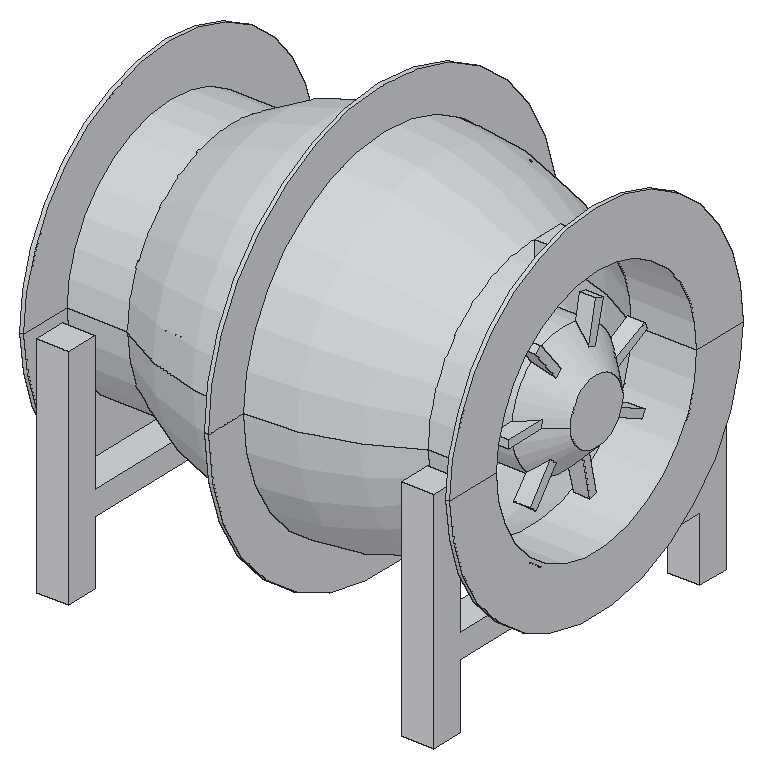
Revit family "b37affc9647d49bd9c485594b1af1f22", category Mechanical Equipment, Revit 2021
Family settings
  Round Connector Dimension = Use Radius
  Part Type = Normal
  OmniClass Number = 23.75.35.17.27
  OmniClass Title = Centrifugal Fans
  Seek Item ID = Centrifugal Fan - Inline - Tubular-0000-USA-ENU
  Work Plane-Based = No
  Always vertical = Yes
  Cut with Voids When Loaded = No
  Shared = No
  Room Calculation Point = No
Parameters (values of type "50-350 CFM")
  Voltage = 208 V
  Support Offset 2 = 0' - 10 1/4"
  Support Offset 1 = 0' - 11 1/4"
  Load Classification = Cooling
  External Static Pressure [instance] = 0.50 in-wg
  Radius 7 = 0' - 1"
  Radius 6 = Length 3  # 0' - 0.6"
  Radius 5 = 0.05 * Air Inlet Diameter  # 0' - 0.4"
  Radius 4 = 0.5 * Diameter 1  # 0' - 6 23/32"
  Radius 3 = 0.5 * Diameter 3  # 0' - 2"
  Radius 2 = Radius 1 - 0' 0 1/8"  # 0' - 8 3/16"
  Radius 1 = 0' - 8 5/16"
  RPM [instance] = 1550 Hz
  Overall Length = 1' - 1 1/4"
  Overall Height = Height 1 + (Diameter 1 * 0.5)  # 1' - 1 23/32"
  Number of Poles = 3
  Length 4 = 0.5 * (Overall Length - Support Offset 1)  # 0' - 1"
  Length 3 = 1.5 * Radius 5  # 0' - 0.6"
  Length 2 = 0.5 * Radius 5  # 0' - 0.2"
  Length 1 = Radius 3 + 0' 0 3/4"  # 0' - 2 3/4"
  Height 1 = 0' - 7"
  Flow [instance] = 350 CFM
  Fan Radius = 0.5 * Fan Diameter  # 0' - 5 13/32"
  Fan Material = none
  Fan Diameter = Diameter 1 - 0' 2 5/8"  # 0' - 10 13/16"
  Diameter 3 = 0.5 * Air Inlet Diameter  # 0' - 4"
  Diameter 1 = 1' - 1 7/16"
  Default Elevation = 0' - 0"
  Apparent Load [instance] = 31.34 VA
  Duct Radius = 4"
  Air Inlet Diameter = Duct Radius * 2  # 8"
Types (8): name | Support Offset 2 | Support Offset 1 | Radius 6 | Radius 5 | Radius 4 | Radius 3 | Radius 2 | Radius 1 | RPM | Overall Length | Overall Height | Length 3 | Length 2 | Length 1 | Height 1 | Flow | Fan Radius | Fan Diameter | Diameter 3 | Diameter 1 | Apparent Load | Duct Radius | Air Inlet Diameter
  (no name) | 0' - 10 1/4" | 0' - 11 1/4" | 0' - 0.6" | 0' - 0.4" | 0' - 6 23/32" | 0' - 2" | 0' - 8 3/16" | 0' - 8 5/16" | 1550 Hz | 1' - 1 1/4" | 1' - 1 23/32" | 0' - 0.6" | 0' - 0.2" | 0' - 2 3/4" | 0' - 7" | 350 CFM | 0' - 5 13/32" | 0' - 10 13/16" | 0' - 4" | 1' - 1 7/16" | 31.34 VA | 4" | 8"
  50-350 CFM | 0' - 10 1/4" | 0' - 11 1/4" | 0' - 0.6" | 0' - 0.4" | 0' - 6 23/32" | 0' - 2" | 0' - 8 3/16" | 0' - 8 5/16" | 1550 Hz | 1' - 1 1/4" | 1' - 1 23/32" | 0' - 0.6" | 0' - 0.2" | 0' - 2 3/4" | 0' - 7" | 350 CFM | 0' - 5 13/32" | 0' - 10 13/16" | 0' - 4" | 1' - 1 7/16" | 31.34 VA | 4" | 8"
  52-890 CFM | 1' - 0 1/4" | 1' - 1" | 0' - 0 3/4" | 0' - 0 1/2" | 0' - 8 3/32" | 0' - 2 1/2" | 0' - 9 1/4" | 0' - 9 3/8" | 1725 Hz | 1' - 3" | 1' - 4 25/32" | 0' - 0 3/4" | 0' - 0 1/4" | 0' - 3 1/4" | 0' - 8 11/16" | 890 CFM | 0' - 6 25/32" | 1' - 1 9/16" | 0' - 5" | 1' - 4 3/16" | 104.46 VA | 5" | 10"
  162-1617 CFM | 1' - 2 1/8" | 1' - 3 1/8" | 0' - 0.9" | 0' - 0.6" | 0' - 9 5/8" | 0' - 3" | 0' - 10 11/32" | 0' - 10 15/32" | 1725 Hz | 1' - 5 1/8" | 1' - 7 9/16" | 0' - 0.9" | 0' - 0.3" | 0' - 3 3/4" | 0' - 9 15/16" | 1617 CFM | 0' - 8 5/16" | 1' - 4 5/8" | 0' - 6" | 1' - 7 1/4" | 208.92 VA | 6" | 12"
  151-2855 CFM | 1' - 4 1/4" | 1' - 5 1/8" | 0' - 1.05" | 0' - 0.7" | 0' - 11" | 0' - 3 1/2" | 0' - 11 27/32" | 0' - 11 31/32" | 1725 Hz | 1' - 7 1/8" | 1' - 10 7/16" | 0' - 1.05" | 0' - 0.35" | 0' - 4 1/4" | 0' - 11 7/16" | 2855 CFM | 0' - 9 11/16" | 1' - 7 3/8" | 0' - 7" | 1' - 10" | 626.76 VA | 7" | 14"
  469-4439 CFM | 1' - 6 1/4" | 1' - 7 9/16" | 0' - 1.2" | 0' - 0.8" | 1' - 0 7/16" | 0' - 4" | 1' - 1 99/128" | 1' - 1 115/128" | 1725 Hz | 1' - 9 9/16" | 2' - 1 1/8" | 0' - 1.2" | 0' - 0.4" | 0' - 4 3/4" | 1' - 0 11/16" | 4439 CFM | 0' - 11 1/8" | 1' - 10 1/4" | 0' - 8" | 2' - 0 7/8" | 1253.53 VA | 8" | 16"
  364-4321 CFM | 1' - 8 3/8" | 1' - 10 1/2" | 0' - 1.35" | 0' - 0.9" | 1' - 1 7/8" | 0' - 4 1/2" | 1' - 4 13/32" | 1' - 4 17/32" | 1140 Hz | 2' - 0 1/2" | 2' - 3 7/8" | 0' - 1.35" | 0' - 0.45" | 0' - 5 1/4" | 1' - 2" | 4321 CFM | 1' - 0 9/16" | 2' - 1 1/8" | 0' - 9" | 2' - 3 3/4" | 626.76 VA | 9" | 18"
  1037-5652 CFM | 1' - 10 1/2" | 2' - 0 3/8" | 0' - 1 1/2" | 0' - 1" | 1' - 3 1/4" | 0' - 5" | 1' - 5 3/4" | 1' - 5 7/8" | 1140 Hz | 2' - 2 3/8" | 2' - 7" | 0' - 1 1/2" | 0' - 0 1/2" | 0' - 5 3/4" | 1' - 3 3/4" | 5652 CFM | 1' - 1 15/16" | 2' - 3 7/8" | 0' - 10" | 2' - 6 1/2" | 940.15 VA | 10" | 20"
Reference planes (in)
  plane 1 "Center (Front/Back)": y = 0
  plane 2: z = 0
  plane 3 "Center (Left/Right)": x = 0
  plane 4: y = 5.125
  plane 5: y = -5.125
  plane 6: y = 5.625
  plane 7: y = 4.625
  plane 8: y = -4.625
  plane 9: y = -5.625
  plane 10: x = 0.5
  plane 11: x = 1
  plane 12: x = 11.75
  plane 13: x = 12.25
  plane 14: x = 11.25
  plane 15 "Plan 1": z = 7
  plane 16: z = 2
  plane 17: z = 2.75
  plane 18: x = -0.5
  plane 19: x = 12.75
  plane 20: y = 4
  plane 21: y = 3.875
  plane 22: x = 1.5
  plane 23: x = 10.75
  plane 24: x = 6.125
  plane 25: x = -0.375
  plane 26: x = 12.625
  plane 27: y = 0.5
  plane 28: y = -0.5
  plane 29: z = 11
  plane 30: z = 11.4375
  plane 31: y = 6.71875
  plane 32: y = -6.71875
  plane 33: y = 5.40625
  plane 34: x = 6.0625
  plane 35: x = 6.1875
  plane 36: x = 6.725
  plane 37: x = 5.525
  plane 38: x = 6.325
  plane 39: x = 5.925
Forms (in)
  Extrusion 1, solid, material <- "Fan Material"
    sketch origin (0, 0, 0) x (1, 0, 0) y (0, 1, 0)
      loop
        line (0, 5.625) -> (0, 4.625) -> (1, 4.625) -> (1, 5.625) -> (0, 5.625)
    from 0 to 7
  Extrusion 2, solid, material <- "Fan Material"
    sketch origin (0, 0, 0) x (1, 0, 0) y (0, 1, 0)
      loop
        line (0, -4.625) -> (0, -5.625) -> (1, -5.625) -> (1, -4.625) -> (0, -4.625)
    from 0 to 7
  Extrusion 3, solid, material <- "Fan Material"
    sketch origin (0, 0, 0) x (1, 0, 0) y (0, 1, 0)
      loop
        line (11.25, -4.625) -> (11.25, -5.625) -> (12.25, -5.625) -> (12.25, -4.625) -> (11.25, -4.625)
    from 0 to 7
  Extrusion 4, solid, material <- "Fan Material"
    sketch origin (0, 0, 0) x (1, 0, 0) y (0, 1, 0)
      loop
        line (11.25, 5.625) -> (11.25, 4.625) -> (12.25, 4.625) -> (12.25, 5.625) -> (11.25, 5.625)
    from 0 to 7
  Extrusion 5, solid, material <- "Fan Material"
    sketch origin (0, 0, 0) x (1, 0, 0) y (0, 1, 0)
      loop
        line (0, 4.625) -> (0, -4.625) -> (1, -4.625) -> (1, 4.625) -> (0, 4.625)
    from 2 to 2.75
  Extrusion 6, solid, material <- "Fan Material"
    sketch origin (0, 0, 0) x (1, 0, 0) y (0, 1, 0)
      loop
        line (11.25, 4.625) -> (11.25, -4.625) -> (12.25, -4.625) -> (12.25, 4.625) -> (11.25, 4.625)
    from 2 to 2.75
  Extrusion 7, solid, material <- "Fan Material"
    sketch origin (0, 0, 0) x (0, 1, 0) y (0, 0, 1)
      loop
        circle (0, 7) r 2
    from 0.5 to 11.75
  Blend 8, solid, material <- "Fan Material"
    base sketch origin (0, 0, 0) x (0, 1, 0) y (0, 0, 1)
      loop
        circle (0, 7) r 2
    top sketch origin (0, 0, 0) x (0, 1, 0) y (0, 0, 1)
      loop
        circle (0, 7) r 1
    from 0.5 to -0.5
  Blend 9, solid, material <- "Fan Material"
    base sketch origin (0, 0, 0) x (0, 1, 0) y (0, 0, 1)
      loop
        circle (0, 7) r 2
    top sketch origin (0, 0, 0) x (0, 1, 0) y (0, 0, 1)
      loop
        circle (0, 7) r 1
    from 11.75 to 12.75
  Extrusion 10, solid, material <- "Fan Material"
    sketch origin (0, 0, -0.03125) x (0, 1, 0) y (0, 0, 1)
      loop
        line (0, 7.28125) -> (-2.75, 7.28125) -> (-2.75, 7.03125) -> (0, 7.03125) -> (0, 7.28125)
    from 0 to 0.5
  Extrusion 11, solid, material <- "Fan Material"
    sketch origin (0, 12.31385, 5.93004) x (0, 0.62349, 0.781831) y (0, -0.781831, 0.62349)
      loop
        line (-6.84103, 10.54446) -> (-9.59103, 10.54446) -> (-9.59103, 10.29446) -> (-6.84103, 10.29446) -> (-6.84103, 10.54446)
    from 0 to 0.5
  Extrusion 12, solid, material <- "Fan Material"
    sketch origin (0, -12.31385, 5.93004) x (0, 0.62349, -0.781831) y (0, 0.781831, 0.62349)
      loop
        line (6.84103, 10.54446) -> (4.09103, 10.54446) -> (4.09103, 10.29446) -> (6.84103, 10.29446) -> (6.84103, 10.54446)
    from 0 to 0.5
  Extrusion 13, solid, material <- "Fan Material"
    sketch origin (0, -15.35511, 19.2547) x (0, -0.222521, -0.974928) y (0, 0.974928, -0.222521)
      loop
        line (8.53062, 17.94706) -> (5.78062, 17.94706) -> (5.78062, 17.69706) -> (8.53062, 17.69706) -> (8.53062, 17.94706)
    from 0 to 0.5
  Extrusion 14, solid, material <- "Fan Material"
    sketch origin (0, -6.83367, 29.94026) x (0, -0.900969, -0.433884) y (0, 0.433884, -0.900969)
      loop
        line (3.79648, 23.88348) -> (1.04648, 23.88348) -> (1.04648, 23.63348) -> (3.79648, 23.63348) -> (3.79648, 23.88348)
    from 0 to 0.5
  Extrusion 15, solid, material <- "Fan Material"
    sketch origin (0, 6.83367, 29.94026) x (0, -0.900969, 0.433884) y (0, -0.433884, -0.900969)
      loop
        line (-3.79648, 23.88348) -> (-6.54648, 23.88348) -> (-6.54648, 23.63348) -> (-3.79648, 23.63348) -> (-3.79648, 23.88348)
    from 0 to 0.5
  Extrusion 16, solid, material <- "Fan Material"
    sketch origin (0, 15.35511, 19.2547) x (0, -0.222521, 0.974928) y (0, -0.974928, -0.222521)
      loop
        line (-8.53062, 17.94706) -> (-11.28062, 17.94706) -> (-11.28062, 17.69706) -> (-8.53062, 17.69706) -> (-8.53062, 17.94706)
    from 0 to 0.5
  Extrusion 17, solid, material <- "Fan Material"
    sketch origin (0, 0, 0) x (0, 1, 0) y (0, 0, 1)
      loop
        line (-2.75, 7.25) -> (-2.75, 7) -> (0, 7) -> (0, 7.25) -> (-2.75, 7.25)
    from 11.75 to 12.25
  Extrusion 18, solid, material <- "Fan Material"
    sketch origin (0, -12.31385, 5.93004) x (0, 0.62349, -0.781831) y (0, 0.781831, 0.62349)
      loop
        line (4.09103, 10.54446) -> (4.09103, 10.29446) -> (6.84103, 10.29446) -> (6.84103, 10.54446) -> (4.09103, 10.54446)
    from 11.75 to 12.25
  Extrusion 19, solid, material <- "Fan Material"
    sketch origin (0, 12.31385, 5.93004) x (0, 0.62349, 0.781831) y (0, -0.781831, 0.62349)
      loop
        line (-9.59103, 10.54446) -> (-9.59103, 10.29446) -> (-6.84103, 10.29446) -> (-6.84103, 10.54446) -> (-9.59103, 10.54446)
    from 11.75 to 12.25
  Extrusion 20, solid, material <- "Fan Material"
    sketch origin (0, 15.35511, 19.2547) x (0, -0.222521, 0.974928) y (0, -0.974928, -0.222521)
      loop
        line (-11.28062, 17.94706) -> (-11.28062, 17.69706) -> (-8.53062, 17.69706) -> (-8.53062, 17.94706) -> (-11.28062, 17.94706)
    from 11.75 to 12.25
  Extrusion 21, solid, material <- "Fan Material"
    sketch origin (0, 6.83367, 29.94026) x (0, -0.900969, 0.433884) y (0, -0.433884, -0.900969)
      loop
        line (-6.54648, 23.88348) -> (-6.54648, 23.63348) -> (-3.79648, 23.63348) -> (-3.79648, 23.88348) -> (-6.54648, 23.88348)
    from 11.75 to 12.25
  Extrusion 22, solid, material <- "Fan Material"
    sketch origin (0, -6.83367, 29.94026) x (0, -0.900969, -0.433884) y (0, 0.433884, -0.900969)
      loop
        line (1.04648, 23.88348) -> (1.04648, 23.63348) -> (3.79648, 23.63348) -> (3.79648, 23.88348) -> (1.04648, 23.88348)
    from 11.75 to 12.25
  Extrusion 23, solid, material <- "Fan Material"
    sketch origin (0, -15.35511, 19.2547) x (0, -0.222521, -0.974928) y (0, 0.974928, -0.222521)
      loop
        line (5.78062, 17.94706) -> (5.78062, 17.69706) -> (8.53062, 17.69706) -> (8.53062, 17.94706) -> (5.78062, 17.94706)
    from 11.75 to 12.25
  Revolve 24, solid, material <- "Fan Material"
    sketch origin (0, 0, 7) x (-1, 0, 0) y (0, -1, 0)
      loop
        line (0.5, -4) -> (0.5, -3.875) -> (-1.5, -3.875) -> (-1.5, -4) -> (0.5, -4)
      axis (0.5, 0) -> (-1.5, 0)
    angle from 0 to 360
  Revolve 25, solid, material <- "Fan Material"
    sketch origin (0.0625, 0, 7) x (-1, 0, 0) y (0, -1, 0)
      loop
        line (-10.6875, -4) -> (-10.6875, -3.875) -> (-12.6875, -3.875) -> (-12.6875, -4) -> (-10.6875, -4)
      axis (-10.6875, 0) -> (-12.6875, 0)
    angle from 0 to 360
  Revolve 26, solid, material <- "Fan Material"
    sketch origin (0, 0, 7) x (-1, 0, 0) y (0, -1, 0)
      loop
        line (-1.5, -4) -> (-1.5, -3.875)
        arc (-1.5, -3.875) -> (-6.125, -5.30643) -> (-10.75, -3.875) r 8.1875
        line (-10.75, -3.875) -> (-10.75, -4)
        arc (-10.75, -4) -> (-6.125, -5.40547) -> (-1.5, -4) r 8.3125
      axis (-1.5, 0) -> (-10.75, 0)
    angle from 0 to 360
  Revolve 27, solid, material <- "Fan Material"
    sketch origin (0, 0, 7) x (-1, 0, 0) y (0, -1, 0)
      loop
        line (0.5, -5.625) -> (0.5, -4) -> (0.375, -4) -> (0.375, -5.625) -> (0.5, -5.625)
      axis (0.5, 0) -> (0.375, 0)
    angle from 0 to 360
  Revolve 28, solid, material <- "Fan Material"
    sketch origin (0, 0, 7) x (-1, 0, 0) y (0, -1, 0)
      loop
        line (-12.625, -5.625) -> (-12.625, -4) -> (-12.75, -4) -> (-12.75, -5.625) -> (-12.625, -5.625)
      axis (-12.625, 0) -> (-12.75, 0)
    angle from 0 to 360
  Extrusion 29, solid, material <- "Fan Material"
    sketch origin (0, 0, 7) x (-1, 0, 0) y (0, -1, 0)
      loop
        line (-11.25, -0.5) -> (-11.25, 0.5) -> (-12.25, 0.5) -> (-12.25, -0.5) -> (-11.25, -0.5)
    from 4 to 4.4375
  Revolve 30, solid, material <- "Fan Material"
    sketch origin (0, 0, 7) x (-1, 0, 0) y (0, -1, 0)
      loop
        line (-6.0625, -6.71875) -> (-6.0625, -5.40625) -> (-6.1875, -5.40625) -> (-6.1875, -6.71875) -> (-6.0625, -6.71875)
      axis (-6.0625, 0) -> (-6.1875, 0)
    angle from 0 to 360
Cuts and joins
  joined: Extrusion 7, Blend 8, Blend 9, Extrusion 10, Extrusion 11, Extrusion 12, Extrusion 13, Extrusion 14, Extrusion 15, Extrusion 16, Extrusion 17, Extrusion 18, Extrusion 19, Extrusion 20, Extrusion 21, Extrusion 22, Extrusion 23
  joined: Extrusion 1, Extrusion 2, Extrusion 5
  joined: Extrusion 3, Extrusion 4, Extrusion 6
  joined: Revolve 24, Revolve 25, Revolve 26, Revolve 27, Revolve 28, Extrusion 29
Lines and regions (in)
  symbolic lines, detail levels coarse+medium
    curve 1: circle (6.125, 0, 0) r 0.4 normal (0, 0, 1)
    curve 2: line (5.925, 0.34641, 0) -> (5.525, 5.125, 0)
    curve 3: line (6.725, 5.125, 0) -> (6.325, 0.34641, 0)
    curve 4: arc (5.525, 5.125, 0) -> (6.125, 5.725, 0) -> (6.725, 5.125, 0) r 0.6
    curve 5: arc (5.525, -5.125, 0) -> (6.125, -5.725, 0) -> (6.725, -5.125, 0) r 0.6
    curve 6: line (6.725, -5.125, 0) -> (6.325, -0.34641, 0)
    curve 7: line (5.925, -0.34641, 0) -> (5.525, -5.125, 0)
    curve 8: line (-0.5, 6.71875, 0) -> (12.75, 6.71875, 0)
    curve 9: line (-0.5, -6.71875, 0) -> (-0.5, 6.71875, 0)
    curve 10: line (12.75, -6.71875, 0) -> (-0.5, -6.71875, 0)
    curve 11: line (12.75, 6.71875, 0) -> (12.75, -6.71875, 0)
  symbolic lines, detail levels fine
    curve 12: line (-0.5, 5.625, 0) -> (-0.375, 5.625, 0)
    curve 13: line (-0.5, -5.625, 0) -> (-0.5, 5.625, 0)
    curve 14: line (-0.375, -5.625, 0) -> (-0.5, -5.625, 0)
    curve 15: line (-0.375, 5.625, 0) -> (-0.375, -5.625, 0)
    curve 16: line (0, 5.625, 0) -> (1, 5.625, 0)
    curve 17: line (0, 4, 0) -> (0, 5.625, 0)
    curve 18: line (1, 5.625, 0) -> (1, 4, 0)
    curve 19: line (1.5, -3.875, 0) -> (-0.375, -3.875, 0)
    curve 20: line (1.5, 4, 0) -> (1.5, -3.875, 0)
    curve 21: line (-0.375, 4, 0) -> (1.5, 4, 0)
    curve 22: line (0, -3.875, 0) -> (0, -5.625, 0)
    curve 23: line (0, -5.625, 0) -> (1, -5.625, 0)
    curve 24: line (1, -5.625, 0) -> (1, -3.875, 0)
    curve 25: arc (1.5, 4, 0) -> (6.125, 5.40547, 0) -> (10.75, 4, 0) r 8.3125
    curve 26: line (10.75, 4, 0) -> (12.625, 4, 0)
    curve 27: line (11.25, 4, 0) -> (11.25, 5.625, 0)
    curve 28: line (11.25, 5.625, 0) -> (12.25, 5.625, 0)
    curve 29: line (12.25, 5.625, 0) -> (12.25, 4, 0)
    curve 30: line (12.625, 5.625, 0) -> (12.75, 5.625, 0)
    curve 31: line (12.625, -5.625, 0) -> (12.625, 5.625, 0)
    curve 32: line (12.75, -5.625, 0) -> (12.625, -5.625, 0)
    curve 33: line (12.75, 5.625, 0) -> (12.75, -5.625, 0)
    curve 34: line (10.75, 4, 0) -> (10.75, -3.875, 0)
    curve 35: line (10.75, -3.875, 0) -> (12.625, -3.875, 0)
    curve 36: line (11.25, -3.875, 0) -> (11.25, -5.625, 0)
    curve 37: line (11.25, -5.625, 0) -> (12.25, -5.625, 0)
    curve 38: line (12.25, -5.625, 0) -> (12.25, -3.875, 0)
    curve 39: arc (1.5, -3.875, 0) -> (6.125, -5.28047, 0) -> (10.75, -3.875, 0) r 8.3125
    curve 40: line (6.0625, 6.71875, 0) -> (6.1875, 6.71875, 0)
    curve 41: line (6.0625, -6.71875, 0) -> (6.0625, 6.71875, 0)
    curve 42: line (6.1875, -6.71875, 0) -> (6.0625, -6.71875, 0)
    curve 43: line (6.1875, 6.71875, 0) -> (6.1875, -6.71875, 0)
Dimensions and locks (in)
  equal spacing: plane 5, plane 1 "Center (Front/Back)", plane 4
  "Support Offset 2": plane 5 to plane 4
  equal spacing: plane 7, plane 4, plane 6
  locked: plane 7 to plane 6 at 1
  equal spacing: plane 9, plane 5, plane 8
  locked: plane 9 to plane 8 at 1
  equal spacing: plane 3 "Center (Left/Right)", plane 10, plane 11
  locked: plane 3 "Center (Left/Right)" to plane 11 at 1
  "Support Offset 1": plane 10 to plane 12
  equal spacing: plane 14, plane 12, plane 13
  locked: plane 14 to plane 13 at 1
  "Height 1": plane 15 "Plan 1" to plane 2
  locked: plane 16 to plane 2 at 2
  locked: plane 17 to plane 16 at 0.75
  "Length 4": plane 18 to plane 10
  "Overall Length": plane 18 to plane 19
  "Length 1": Extrusion 10 sketch curve to Extrusion 10 sketch curve
  locked: Extrusion 10 sketch curve to Extrusion 10 sketch curve at 0.25
  "Length 1": Extrusion 12 sketch curve to Extrusion 12 sketch curve
  locked: Extrusion 12 sketch curve to Extrusion 12 sketch curve at 0.25
  "Length 1": Extrusion 13 sketch curve to Extrusion 13 sketch curve
  locked: Extrusion 13 sketch curve to Extrusion 13 sketch curve at 0.25
  "Length 1": Extrusion 14 sketch curve to Extrusion 14 sketch curve
  locked: Extrusion 14 sketch curve to Extrusion 14 sketch curve at 0.25
  locked: Extrusion 15 sketch curve to Extrusion 15 sketch curve at 0.25
  "Length 1": Extrusion 15 sketch curve to Extrusion 15 sketch curve
  locked: Extrusion 16 sketch curve to Extrusion 16 sketch curve at 0.25
  "Length 1": Extrusion 16 sketch curve to Extrusion 16 sketch curve
  locked: Extrusion 11 sketch curve to Extrusion 11 sketch curve at 0.25
  "Length 1": Extrusion 11 sketch curve to Extrusion 11 sketch curve
  "Length 1": Extrusion 17 sketch curve to Extrusion 17 sketch curve
  locked: Extrusion 17 sketch curve to Extrusion 17 sketch curve at 0.25
  locked: Extrusion 19 sketch curve to Extrusion 19 sketch curve at 0.25
  "Length 1": Extrusion 19 sketch curve to Extrusion 19 sketch curve
  locked: Extrusion 20 sketch curve to Extrusion 20 sketch curve at 0.25
  "Length 1": Extrusion 20 sketch curve to Extrusion 20 sketch curve
  locked: Extrusion 21 sketch curve to Extrusion 21 sketch curve at 0.25
  "Length 1": Extrusion 21 sketch curve to Extrusion 21 sketch curve
  locked: Extrusion 22 sketch curve to Extrusion 22 sketch curve at 0.25
  "Length 1": Extrusion 22 sketch curve to Extrusion 22 sketch curve
  locked: Extrusion 23 sketch curve to Extrusion 23 sketch curve at 0.25
  "Length 1": Extrusion 23 sketch curve to Extrusion 23 sketch curve
  locked: Extrusion 18 sketch curve to Extrusion 18 sketch curve at 0.25
  "Length 1": Extrusion 18 sketch curve to Extrusion 18 sketch curve
  "Duct Radius": plane 1 "Center (Front/Back)" to plane 20
  locked: plane 21 to plane 20 at 0.125
  locked: plane 18 to plane 22 at 2
  locked: plane 23 to plane 19 at 2
  equal spacing: plane 18, plane 24, plane 19
  locked: plane 18 to plane 25 at 0.125
  locked: plane 26 to plane 19 at 0.125
  equal spacing: plane 28, plane 1 "Center (Front/Back)", plane 27
  locked: plane 28 to plane 27 at 1
  "Duct Radius": plane 29 to plane 15 "Plan 1"
  locked: plane 30 to plane 29 at 0.4375
  "Radius 4": plane 1 "Center (Front/Back)" to plane 31
  equal spacing: plane 32, plane 1 "Center (Front/Back)", plane 31
  "Fan Radius": plane 1 "Center (Front/Back)" to plane 33
  equal spacing: plane 34, plane 24, plane 35
  locked: plane 34 to plane 35 at 0.125
  "Length 3": plane 24 to plane 36
  equal spacing: plane 37, plane 24, plane 36
  "Length 2": plane 24 to plane 38
  equal spacing: plane 39, plane 24, plane 38
  "Radius 3": radius of Extrusion 7 sketch curve
  "Radius 3": radius of Blend 8 sketch curve
  "Radius 7": radius of Blend 8 sketch curve
  "Radius 3": radius of Blend 9 sketch curve
  "Radius 7": radius of Blend 9 sketch curve
  "Radius 1": radius of Revolve 26 sketch curve
  "Radius 2": radius of Revolve 26 sketch curve
  "Radius 5": radius of curve 1
  "Radius 6": radius of curve 4
  "Radius 6": radius of curve 5
  "Radius 1": radius of curve 25
  "Radius 1": radius of curve 39
  locked: plane 15 "Plan 1" to Extrusion 12 sketch curve (angle 51.4286°)
  locked: plane 15 "Plan 1" to Extrusion 13 sketch curve (angle 102.857°)
  locked: plane 15 "Plan 1" to Extrusion 14 sketch curve (angle 154.286°)
  locked: plane 15 "Plan 1" to Extrusion 15 sketch curve (angle 25.7143°)
  locked: plane 15 "Plan 1" to Extrusion 16 sketch curve (angle 77.1429°)
  locked: plane 15 "Plan 1" to Extrusion 11 sketch curve (angle 128.571°)
  locked: plane 15 "Plan 1" to Extrusion 20 sketch curve (angle 102.857°)
  locked: plane 15 "Plan 1" to Extrusion 19 sketch curve (angle 51.4286°)
  locked: plane 15 "Plan 1" to Extrusion 21 sketch curve (angle 154.286°)
  locked: plane 15 "Plan 1" to Extrusion 22 sketch curve (angle 25.7143°)
  locked: plane 15 "Plan 1" to Extrusion 23 sketch curve (angle 77.1429°)
  locked: plane 15 "Plan 1" to Extrusion 18 sketch curve (angle 128.571°)
  aligned and locked: plane 3 "Center (Left/Right)" to Extrusion 1 sketch curve
  aligned and locked: plane 6 to Extrusion 1 sketch curve
  aligned and locked: plane 7 to Extrusion 1 sketch curve
  aligned and locked: Extrusion 1 sketch curve to plane 11
  aligned and locked: plane 3 "Center (Left/Right)" to Extrusion 2 sketch curve
  aligned and locked: plane 8 to Extrusion 2 sketch curve
  aligned and locked: plane 9 to Extrusion 2 sketch curve
  aligned and locked: Extrusion 2 sketch curve to plane 11
  aligned and locked: plane 14 to Extrusion 3 sketch curve
  aligned and locked: plane 8 to Extrusion 3 sketch curve
  aligned and locked: plane 9 to Extrusion 3 sketch curve
  aligned and locked: Extrusion 3 sketch curve to plane 13
  aligned and locked: plane 14 to Extrusion 4 sketch curve
  aligned and locked: plane 6 to Extrusion 4 sketch curve
  aligned and locked: plane 7 to Extrusion 4 sketch curve
  aligned and locked: Extrusion 4 sketch curve to plane 13
  aligned and locked: plane 15 "Plan 1" to Extrusion 2
  aligned and locked: plane 15 "Plan 1" to Extrusion 1
  aligned and locked: plane 15 "Plan 1" to Extrusion 3
  aligned and locked: plane 15 "Plan 1" to Extrusion 4
  aligned and locked: Extrusion 2 to plane 2
  aligned and locked: Extrusion 3 to plane 2
  aligned and locked: Extrusion 4 to plane 2
  aligned and locked: Extrusion 1 to plane 2
  aligned and locked: Extrusion 1 to Extrusion 5 sketch curve
  aligned and locked: Extrusion 5 sketch curve to Extrusion 1
  aligned and locked: Extrusion 5 sketch curve to Extrusion 2  (x2)
  aligned and locked: Extrusion 4 to Extrusion 6 sketch curve
  aligned and locked: Extrusion 6 sketch curve to Extrusion 4
  aligned and locked: Extrusion 6 sketch curve to Extrusion 3  (x2)
  aligned and locked: plane 17 to Extrusion 5
  aligned and locked: Extrusion 5 to plane 16
  aligned and locked: plane 17 to Extrusion 6
  aligned and locked: Extrusion 6 to plane 16
  aligned and locked: plane 1 "Center (Front/Back)" to Extrusion 7 sketch curve
  aligned and locked: plane 15 "Plan 1" to Extrusion 7 sketch curve
  aligned and locked: Extrusion 7 to plane 10
  aligned and locked: plane 12 to Extrusion 7
  aligned and locked: plane 1 "Center (Front/Back)" to Blend 8 sketch curve  (x2)
  aligned and locked: plane 15 "Plan 1" to Blend 8 sketch curve  (x2)
  aligned and locked: Blend 8 to plane 18
  aligned and locked: plane 10 to Blend 8
  aligned and locked: plane 1 "Center (Front/Back)" to Blend 9 sketch curve  (x2)
  aligned and locked: plane 15 "Plan 1" to Blend 9 sketch curve  (x2)
  aligned and locked: plane 19 to Blend 9
  aligned and locked: Blend 9 to plane 12
  aligned and locked: Extrusion 10 to plane 1 "Center (Front/Back)"
  aligned and locked: Extrusion 10 to plane 15 "Plan 1"
  aligned and locked: plane 1 "Center (Front/Back)" to Extrusion 12 sketch curve
  aligned and locked: plane 15 "Plan 1" to Extrusion 12 sketch curve
  aligned and locked: plane 1 "Center (Front/Back)" to Extrusion 13 sketch curve
  aligned and locked: plane 15 "Plan 1" to Extrusion 13 sketch curve
  aligned and locked: plane 1 "Center (Front/Back)" to Extrusion 14 sketch curve
  aligned and locked: plane 15 "Plan 1" to Extrusion 14 sketch curve
  aligned and locked: plane 1 "Center (Front/Back)" to Extrusion 15 sketch curve
  aligned and locked: plane 15 "Plan 1" to Extrusion 15 sketch curve
  aligned and locked: plane 1 "Center (Front/Back)" to Extrusion 16 sketch curve
  aligned and locked: plane 15 "Plan 1" to Extrusion 16 sketch curve
  aligned and locked: plane 1 "Center (Front/Back)" to Extrusion 11 sketch curve
  aligned and locked: plane 15 "Plan 1" to Extrusion 11 sketch curve
  aligned and locked: Extrusion 16 to plane 3 "Center (Left/Right)"
  aligned and locked: plane 10 to Extrusion 16
  aligned and locked: Extrusion 13 to plane 3 "Center (Left/Right)"
  aligned and locked: plane 10 to Extrusion 13
  aligned and locked: Extrusion 15 to plane 3 "Center (Left/Right)"
  aligned and locked: plane 10 to Extrusion 15
  aligned and locked: Extrusion 10 to plane 3 "Center (Left/Right)"
  aligned and locked: plane 10 to Extrusion 10
  aligned and locked: Extrusion 12 to plane 3 "Center (Left/Right)"
  aligned and locked: plane 10 to Extrusion 12
  aligned and locked: Extrusion 14 to plane 3 "Center (Left/Right)"
  aligned and locked: plane 10 to Extrusion 14
  aligned and locked: Extrusion 11 to plane 3 "Center (Left/Right)"
  aligned and locked: plane 10 to Extrusion 11
  aligned and locked: plane 1 "Center (Front/Back)" to Extrusion 17 sketch curve
  aligned and locked: plane 15 "Plan 1" to Extrusion 17 sketch curve
  aligned and locked: plane 1 "Center (Front/Back)" to Extrusion 19 sketch curve
  aligned and locked: plane 15 "Plan 1" to Extrusion 19 sketch curve
  aligned and locked: plane 1 "Center (Front/Back)" to Extrusion 20 sketch curve
  aligned and locked: plane 15 "Plan 1" to Extrusion 20 sketch curve
  aligned and locked: plane 1 "Center (Front/Back)" to Extrusion 21 sketch curve
  aligned and locked: plane 15 "Plan 1" to Extrusion 21 sketch curve
  aligned and locked: plane 1 "Center (Front/Back)" to Extrusion 22 sketch curve
  aligned and locked: plane 15 "Plan 1" to Extrusion 22 sketch curve
  aligned and locked: plane 1 "Center (Front/Back)" to Extrusion 23 sketch curve
  aligned and locked: plane 15 "Plan 1" to Extrusion 23 sketch curve
  aligned and locked: plane 1 "Center (Front/Back)" to Extrusion 18 sketch curve
  aligned and locked: plane 15 "Plan 1" to Extrusion 18 sketch curve
  aligned and locked: plane 13 to Extrusion 22
  aligned and locked: plane 13 to Extrusion 21
  aligned and locked: plane 13 to Extrusion 18
  aligned and locked: plane 13 to Extrusion 17
  aligned and locked: plane 13 to Extrusion 19
  aligned and locked: plane 13 to Extrusion 23
  aligned and locked: plane 13 to Extrusion 20
  aligned and locked: Extrusion 22 to plane 12
  aligned and locked: Extrusion 21 to plane 12
  aligned and locked: Extrusion 18 to plane 12
  aligned and locked: Extrusion 17 to plane 12
  aligned and locked: Extrusion 19 to plane 12
  aligned and locked: Extrusion 23 to plane 12
  aligned and locked: Extrusion 20 to plane 12
  aligned and locked: plane 18 to Revolve 24 sketch curve
  aligned and locked: plane 20 to Revolve 24 sketch curve
  aligned and locked: plane 21 to Revolve 24 sketch curve
  aligned and locked: Revolve 24 sketch curve to plane 22
  aligned and locked: plane 23 to Revolve 25 sketch curve
  aligned and locked: plane 20 to Revolve 25 sketch curve
  aligned and locked: plane 21 to Revolve 25 sketch curve
  aligned and locked: Revolve 25 sketch curve to plane 19
  aligned and locked: plane 24 to Revolve 26 sketch curve  (x2)
  aligned and locked: Revolve 26 sketch curve to Revolve 25
  aligned and locked: plane 22 to Revolve 26 sketch curve  (x2)
  aligned and locked: plane 21 to Revolve 26 sketch curve  (x2)
  aligned and locked: plane 20 to Revolve 26 sketch curve
  aligned and locked: plane 18 to Revolve 27 sketch curve
  aligned and locked: plane 6 to Revolve 27 sketch curve
  aligned and locked: plane 20 to Revolve 27 sketch curve
  aligned and locked: Revolve 27 sketch curve to plane 25
  aligned and locked: plane 26 to Revolve 28 sketch curve
  aligned and locked: plane 6 to Revolve 28 sketch curve
  aligned and locked: plane 20 to Revolve 28 sketch curve
  aligned and locked: Revolve 28 sketch curve to Revolve 25
  aligned and locked: plane 14 to Extrusion 29 sketch curve
  aligned and locked: plane 27 to Extrusion 29 sketch curve
  aligned and locked: plane 28 to Extrusion 29 sketch curve
  aligned and locked: Extrusion 29 sketch curve to plane 13
  aligned and locked: Extrusion 29 to plane 29
  aligned and locked: plane 30 to Extrusion 29
  aligned and locked: plane 34 to Revolve 30 sketch curve
  aligned and locked: plane 31 to Revolve 30 sketch curve
  aligned and locked: plane 33 to Revolve 30 sketch curve
  aligned and locked: Revolve 30 sketch curve to plane 35
  aligned and locked: plane 24 to curve 1
  aligned and locked: plane 1 "Center (Front/Back)" to curve 1
  aligned and locked: plane 24 to curve 4
  aligned and locked: plane 4 to curve 4  (x3)
  aligned and locked: plane 5 to curve 5
  aligned and locked: plane 24 to curve 5
  aligned and locked: plane 5 to curve 6
  aligned and locked: plane 5 to curve 7
  aligned and locked: plane 39 to curve 2
  aligned and locked: plane 38 to curve 3
  aligned and locked: plane 39 to curve 7
  aligned and locked: plane 38 to curve 6
  aligned and locked: plane 18 to curve 8
  aligned and locked: plane 31 to curve 8
  aligned and locked: plane 32 to curve 11
  aligned and locked: curve 11 to plane 19
  aligned and locked: cut or joined group of Revolve 24, Revolve 25, Revolve 26, Revolve 27, Revolve 28, Extrusion 29 to curve 12
  aligned and locked: plane 6 to curve 12
  aligned and locked: plane 9 to curve 15
  aligned and locked: curve 15 to cut or joined group of Revolve 24, Revolve 25, Revolve 26, Revolve 27, Revolve 28, Extrusion 29
  aligned and locked: curve 16 to cut or joined group of Extrusion 1, Extrusion 2, Extrusion 5  (x2)
  aligned and locked: plane 20 to curve 18
  aligned and locked: curve 18 to plane 11
  aligned and locked: curve 20 to cut or joined group of Revolve 24, Revolve 25, Revolve 26, Revolve 27, Revolve 28, Extrusion 29
  aligned and locked: plane 20 to curve 21
  aligned and locked: curve 22 to plane 3 "Center (Left/Right)"
  aligned and locked: plane 9 to cut or joined group of Extrusion 1, Extrusion 2, Extrusion 5
  aligned and locked: plane 11 to curve 24
  aligned and locked: plane 24 to curve 25
  aligned and locked: plane 20 to curve 26
  aligned and locked: plane 14 to curve 27
  aligned and locked: cut or joined group of Extrusion 3, Extrusion 4, Extrusion 6 to plane 6
  aligned and locked: curve 29 to plane 13
  aligned and locked: cut or joined group of Revolve 24, Revolve 25, Revolve 26, Revolve 27, Revolve 28, Extrusion 29 to curve 30
  aligned and locked: plane 9 to curve 33
  aligned and locked: curve 33 to cut or joined group of Revolve 24, Revolve 25, Revolve 26, Revolve 27, Revolve 28, Extrusion 29
  aligned and locked: plane 6 to curve 30
  aligned and locked: curve 36 to plane 14
  aligned and locked: plane 9 to cut or joined group of Extrusion 3, Extrusion 4, Extrusion 6
  aligned and locked: plane 13 to curve 38
  aligned and locked: plane 24 to curve 39
  aligned and locked: Revolve 30 to curve 40
  aligned and locked: plane 31 to curve 40
  aligned and locked: plane 32 to curve 43
  aligned and locked: curve 43 to Revolve 30
Automatic sketch dimensions
  Extrusion 10 sketch curve to plane 15 "Plan 1" = 0' - 0"
  Extrusion 10 sketch curve to plane 1 "Center (Front/Back)" = 0' - 0"
  Revolve 24 sketch curve to plane 1 "Center (Front/Back)" = 0' - 0"
  Revolve 24 sketch curve to plane 22 = 0' - 0"
  Revolve 24 sketch curve to plane 18 = 0' - 0"
  Revolve 25 sketch curve to plane 1 "Center (Front/Back)" = 0' - 0"
  Revolve 25 sketch curve to plane 19 = 0' - 0 1/16"
  plane 23 to Revolve 25 sketch curve = 0' - 0 1/16"
  Revolve 26 sketch curve to plane 1 "Center (Front/Back)" = 0' - 0"
  Revolve 26 sketch curve to plane 23 = 0' - 0"
  Revolve 26 sketch curve to plane 22 = 0' - 0"
  Revolve 27 sketch curve to plane 1 "Center (Front/Back)" = 0' - 0"
  Revolve 27 sketch curve to plane 22 = 0' - 0"
  Revolve 27 sketch curve to plane 18 = 0' - 0"
  Revolve 28 sketch curve to plane 1 "Center (Front/Back)" = 0' - 0"
  Revolve 28 sketch curve to plane 19 = 0' - 0"
  Revolve 28 sketch curve to plane 23 = 0' - 0"
  Revolve 30 sketch curve to plane 1 "Center (Front/Back)" = 0' - 0"
  Revolve 30 sketch curve to plane 35 = 0' - 0"
  Revolve 30 sketch curve to plane 34 = 0' - 0"
  curve 36 to plane 9 = 0' - 0"
  curve 24 to plane 9 = 0' - 0"
  curve 28 to plane 6 = 0' - 0"
  curve 34 to plane 8 = 0' - 0 3/4"
Connectors (in)
  hvac at (-0.5, 0, 7), driven by "Flow", driven by "Duct Radius"
    settings: on Revolve 24, index 1, duct flow 350 CFM, flow factor 0, pres drop 0.00 in-wg, loss coef 0, conn angle 0.00°, conn width 12", conn height 12", conn diameter 8", duct sys type 29, conn prof type 0, flow config 0, flow direction 0, loss method 0, conn ref index 2, conn util no, is conn primary yes, conn desc ""
  hvac at (12.75, 0, 7), driven by "Flow", driven by "Duct Radius"
    settings: on Revolve 25, index 2, duct flow 350 CFM, flow factor 0, pres drop 0.00 in-wg, loss coef 0, conn angle 0.00°, conn width 12", conn height 12", conn diameter 8", duct sys type 29, conn prof type 0, flow config 0, flow direction 0, loss method 0, conn ref index 1, conn util no, is conn primary no, conn desc ""
  electrical at (11.75, 0, 11.4375), driven by "Number of Poles", driven by "Apparent Load", driven by "Voltage", driven by "Load Classification"
    settings: on Extrusion 29, index 3, voltage 208 V, apparent load 31.34 VA, apparent load phase1 0 VA, apparent load phase2 0 VA, apparent load phase3 0 VA, power factor 0.8, load classification "Cooling", number of poles 3, system type 30, power factor state 1, is connector primary yes, connector utility no, sub classification motor no, connector description ""
